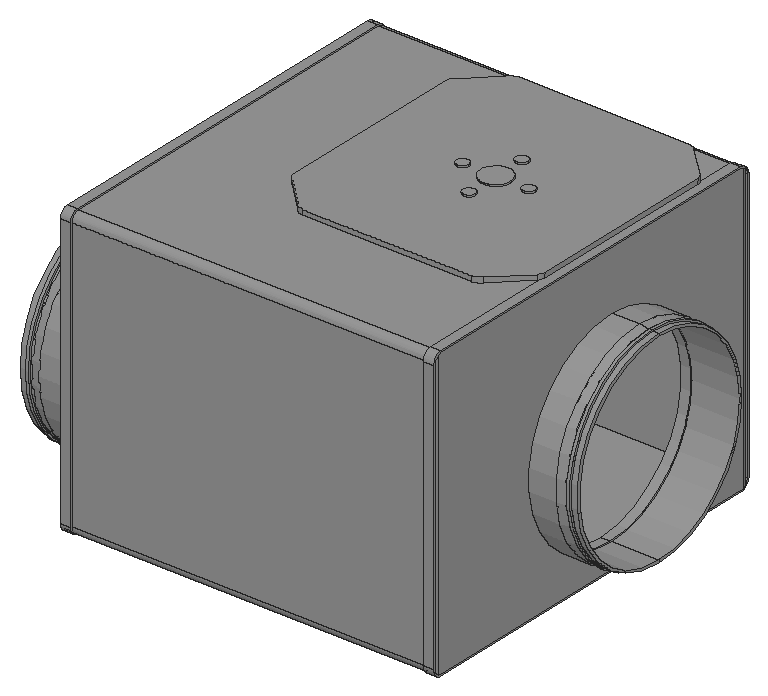
Revit family "LPKB Silent 200 C1 EC_7540664", category Mechanical Equipment, Revit 2014
Parameters (values of type "LPKB Silent 200 C1 EC")
  Wiring diagram = "4040143"
  Width A = Width - 96 mm  # 372 mm
  Width = 468 mm
  Weight = 8.30 kg
  Voltage range = "200-240"
  Voltage = 230 V
  Vertical Distance = 162 mm
  Speed = "2820"
  Sound pressure level at 3 m = "57"
  Radius = Diameter / 2  # 100 mm
  Power = 162 W
  Phase = 1
  Max. temperature of transported air when speed controlled = 60 °C
  Max. temperature of transported air = 60 °C
  Main Material = Steel, Galvanized
  Height = 288 mm
  Frequency = 50 Hz
  Elevation [instance] = 2600 mm
  Distance 2 = 220 mm
  Distance 1 = 111 mm
  Diameter = 200 mm
  Description = "SOUND ATTENUATED DUCT FANS WITH CIRCULAR CONNECTIONS"
  Depth = 390 mm
  Current = 1.25 A
  Capacitor = "-"
Reference planes
  plane 1 "Center (Front/Back)": y = 0
  plane 2: z = 0
  plane 3 "Center (Left/Right)": x = 0
  plane 4: x = -186
  plane 5: x = 186
  plane 6: x = -234
  plane 7: x = 234
  plane 8: y = 195
  plane 9: y = -195
  plane 10: z = 2600
  plane 11: y = -84
  plane 12: y = 185
  plane 13: x = 176
  plane 14: x = -75
  plane 15: y = 84
  plane 16: x = 50.5
  plane 17: y = 50.5
Dimensions and locks
  equal spacing: plane 4, plane 3 "Center (Left/Right)", plane 5
  "Width A": plane 4 to plane 5
  equal spacing: plane 6, plane 3 "Center (Left/Right)", plane 7
  "Width": plane 6 to plane 7
  equal spacing: plane 8, plane 1 "Center (Front/Back)", plane 9
  "Depth": plane 8 to plane 9
  "Elevation": plane 10 to level
  "Distance 1": plane 9 to plane 11
  locked: plane 8 to plane 12 at 10
  locked: plane 13 to plane 5 at 10
  "Distance 1": plane 4 to plane 14
  "Distance 1": plane 8 to plane 15
  equal spacing: plane 14, plane 16, plane 13
  equal spacing: plane 12, plane 17, plane 11
  aligned and locked: level to plane 2
  aligned and locked: nested 1 to plane 3 "Center (Left/Right)"
  aligned and locked: nested 1 to plane 1 "Center (Front/Back)"
  aligned and locked: plane 3 "Center (Left/Right)" to nested 2
  aligned and locked: plane 1 "Center (Front/Back)" to nested 2
  aligned and locked: nested 2 to plane 10
Nested families
  nested 1: "Flow direction symbol" at (0, 0, 0) x (-1, 0, 0) z (0, 0, 1), type "Flow direction symbol"
  nested 2: "LPKB Silent" at (0, 0, 2600), type "LPKB Silent"
    with Width A 372 mm, Width 468 mm, Vertical Distance 162 mm, Radius 100 mm, Height 288 mm, Distance 2 220 mm, Distance 1 111 mm, Diameter 200 mm, Depth 390 mm
Connectors
  hvac at (-234, -84, 2726), driven by "Diameter"
    settings: on nested 2, index 1, duct flow 0.0 L/s, flow factor 0, pres drop 0.0 Pa, loss coef 0, conn angle 0.00°, conn width 304.8 mm, conn height 304.8 mm, conn diameter 200 mm, duct sys type 3, conn prof type 0, flow config 0, flow direction 2, loss method 0, conn ref index -1, conn util no, is conn primary yes, conn desc ""
  hvac at (234, 25, 2726), driven by "Diameter"
    settings: on nested 2, index 2, duct flow 0.0 L/s, flow factor 0, pres drop 0.0 Pa, loss coef 0, conn angle 0.00°, conn width 304.8 mm, conn height 304.8 mm, conn diameter 200 mm, duct sys type 1, conn prof type 0, flow config 0, flow direction 2, loss method 0, conn ref index -1, conn util no, is conn primary no, conn desc ""
  electrical at (-226, 84, 2726), driven by "Phase", driven by "Voltage"
    settings: on nested 2, index 3, voltage 230 V, apparent load 0 VA, apparent load phase1 0 VA, apparent load phase2 0 VA, apparent load phase3 0 VA, power factor 1, load classification "Other", number of poles 1, system type 31, power factor state 1, is connector primary yes, connector utility no, sub classification motor no, connector description ""
Definition of nested family "LPKB Silent"
  Parameters (values of type "LPKB Silent")
    Width A = Width - 96 mm  # 314 mm
    Width = 410 mm
    Vertical Distance = 136 mm
    Radius = Diameter / 2  # 62.5 mm
    Main Material = Steel, Galvanized
    Height = 210 mm
    Distance 2 = 190 mm
    Distance 1 = 73 mm
    Diameter = 125 mm
    Description = ""
    Depth = 330 mm
  Reference planes
    plane 1 "Center (Front/Back)": y = 0
    plane 2: z = 0
    plane 3 "Center (Left/Right)": x = 0
    plane 4: x = -157
    plane 5: x = 157
    plane 6: x = -205
    plane 7: x = 205
    plane 8: y = 165
    plane 9: y = -165
    plane 10: z = 210
    plane 11: z = 74
    plane 12: y = -92
    plane 13: y = 155
    plane 14: x = 147
    plane 15: x = -84
    plane 16: y = 92
    plane 17: x = 31.5
    plane 18: y = 31.5
    plane 19: y = 25
  Forms (mm)
    Revolve 1, solid, material "Steel, Galvanized" <- "Main Material", detail levels medium+fine
      sketch origin (157, -92, 1200) x (1, 0, 0) y (0, 0, 1)
        loop
          line (-314, -1063.5) -> (-314, -1059.75) -> (-342.156, -1059.75) -> (-350.609, -1061.24) -> (-352.661, -1061.24) -> (-352.661, -1059.75) -> (-355.459, -1059.75) -> (-355.459, -1061.24) -> (-362, -1061.24) -> (-362, -1063.5) -> (-314, -1063.5)
        axis (-314, -1126) -> (-362, -1126)
      angle from 0 to 360
    Extrusion 2, void
      sketch origin (0, 0, 0) x (1, 0, 0) y (0, 1, 0)
        loop
          line (-147, 155.039) -> (-147, -154.961) -> (146.959, -154.961) -> (146.959, 155.039) -> (-147, 155.039)
      from 10 to 191.508
    Extrusion 3, solid, material "Steel, Galvanized" <- "Main Material", detail levels medium+fine
      sketch origin (0, 0, 0) x (1, 0, 0) y (0, 1, 0)
        loop
          arc (-43.183, 155) -> (-47.858, 153.712) -> (-51.826, 150.956) r 14.179
          line (-51.826, 150.956) -> (-81.305, 121.477)
          arc (-81.305, 121.477) -> (-83.196, 118.632) -> (-84, 115.312) r 9.835
          line (-84, 115.312) -> (-84, -52.313)
          arc (-84, -52.313) -> (-83.196, -55.632) -> (-81.305, -58.477) r 9.835
          line (-81.305, -58.477) -> (-51.826, -87.956)
          arc (-51.826, -87.956) -> (-47.856, -90.729) -> (-43.183, -92) r 14.142
          line (-43.183, -92) -> (105.647, -92)
          arc (105.647, -92) -> (110.32, -90.729) -> (114.29, -87.956) r 14.142
          line (114.29, -87.956) -> (144.168, -58.679)
          arc (144.168, -58.679) -> (146.101, -55.888) -> (147, -52.615) r 10.108
          line (147, -52.615) -> (147, 115.615)
          arc (147, 115.615) -> (146.101, 118.888) -> (144.168, 121.679) r 10.108
          line (144.168, 121.679) -> (113.884, 150.924)
          arc (113.884, 150.924) -> (109.945, 153.773) -> (105.24, 155) r 13.17
          line (105.24, 155) -> (-43.183, 155)
      from 210 to 215
    Sweep 4, solid, material "Steel, Galvanized" <- "Main Material", detail levels medium+fine
      path origin (-157, 864.407, 1200) x (0, 1, 0) y (0, 0, 1)
        loop
          line (-707.407, -990) -> (-1021.407, -990)
          arc (-1021.407, -990) -> (-1027.064, -992.343) -> (-1029.407, -998) r 8
          line (-1029.407, -998) -> (-1029.407, -1192)
          arc (-1029.407, -1192) -> (-1027.064, -1197.657) -> (-1021.407, -1200) r 8
          line (-1021.407, -1200) -> (-707.407, -1200)
          arc (-707.407, -1200) -> (-701.75, -1197.657) -> (-699.407, -1192) r 8
          line (-699.407, -1192) -> (-699.407, -998)
          arc (-699.407, -998) -> (-701.75, -992.343) -> (-707.407, -990) r 8
      profile origin (-157, 0, 210) x (0, 0, -1) y (1, 0, 0)
        loop
          line (0, 0) -> (0, 10) -> (-1, 10) -> (-1, 0) -> (0, 0)
    Extrusion 5, void
      sketch origin (157, 864.407, 1200) x (0, -1, 0) y (0, 0, 1)
        loop
          arc (1021.407, -990) -> (1027.064, -992.343) -> (1029.407, -998) r 8
          line (1029.407, -998) -> (1035.402, -998) -> (1035.402, -983.783) -> (1021.407, -983.783) -> (1021.407, -990)
        loop
          line (707.407, -990) -> (707.407, -983.783) -> (693.411, -983.783) -> (693.411, -998) -> (699.407, -998)
          arc (699.407, -998) -> (701.75, -992.343) -> (707.407, -990) r 8
        loop
          line (1021.407, -1200) -> (1021.407, -1206.217) -> (1035.402, -1206.217) -> (1035.402, -1192) -> (1029.407, -1192)
          arc (1029.407, -1192) -> (1027.064, -1197.657) -> (1021.407, -1200) r 8
        loop
          arc (707.407, -1200) -> (701.75, -1197.657) -> (699.407, -1192) r 8
          line (699.407, -1192) -> (693.411, -1192) -> (693.411, -1206.217) -> (707.407, -1206.217) -> (707.407, -1200)
      from 0 to 473.721
    Sweep 6, solid, material "Steel, Galvanized" <- "Main Material", detail levels medium+fine
      path origin (157, 864.407, 1200) x (0, 1, 0) y (0, 0, -1)
        loop
          arc (-707.407, 990) -> (-701.75, 992.343) -> (-699.407, 998) r 8
          line (-699.407, 998) -> (-699.407, 1192)
          arc (-699.407, 1192) -> (-701.75, 1197.657) -> (-707.407, 1200) r 8
          line (-707.407, 1200) -> (-1021.407, 1200)
          arc (-1021.407, 1200) -> (-1027.064, 1197.657) -> (-1029.407, 1192) r 8
          line (-1029.407, 1192) -> (-1029.407, 998)
          arc (-1029.407, 998) -> (-1027.064, 992.343) -> (-1021.407, 990) r 8
          line (-1021.407, 990) -> (-707.407, 990)
      profile origin (157, 0, 210) x (0, 0, 1) y (-1, 0, 0)
        loop
          line (0, 0) -> (1, 0) -> (1, 10) -> (0, 10) -> (0, 0)
    Extrusion 7, solid, material "Steel, Galvanized" <- "Main Material", detail levels medium+fine
      sketch origin (82.02, -241.107, 0) x (1, 0, 0) y (0, 1, 0)
        loop
          arc (-234.02, 406.107) -> (-237.555, 404.643) -> (-239.02, 401.107) r 5
          line (-239.02, 401.107) -> (-239.02, 81.107)
          arc (-239.02, 81.107) -> (-237.555, 77.572) -> (-234.02, 76.107) r 5
          line (-234.02, 76.107) -> (69.98, 76.107)
          arc (69.98, 76.107) -> (73.516, 77.572) -> (74.98, 81.107) r 5
          line (74.98, 81.107) -> (74.98, 401.107)
          arc (74.98, 401.107) -> (73.516, 404.643) -> (69.98, 406.107) r 5
          line (69.98, 406.107) -> (-234.02, 406.107)
      from 0 to 210
    Revolve 8, solid, material "Steel, Galvanized" <- "Main Material", detail levels medium+fine
      sketch origin (-271.54, 25, 1200) x (-1, 0, 0) y (0, 0, 1)
        loop
          line (-476.54, -1063.5) -> (-428.54, -1063.5) -> (-428.54, -1059.75) -> (-456.697, -1059.75) -> (-465.149, -1061.24) -> (-467.201, -1061.24) -> (-467.201, -1059.75) -> (-469.999, -1059.75) -> (-469.999, -1061.24) -> (-476.54, -1061.24) -> (-476.54, -1063.5)
        axis (-476.54, -1126) -> (-428.54, -1126)
      angle from 0 to 360
    Sweep 9, void
      path origin (157, -92, 1200) x (1, 0, 0) y (0, 0, 1)
        loop
          line (-157, -1126) -> (-362, -1126)
      profile origin (-102.5, -92, 74) x (0, 0, -1) y (0, -1, 0)
        loop
          circle (0, 0) r 62.5
    Sweep 10, void
      path origin (-271.54, 25, 1200) x (-1, 0, 0) y (0, 0, 1)
        loop
          line (-476.54, -1126) -> (-271.54, -1126)
      profile origin (102.5, 25, 74) x (0, 0, 1) y (0, 1, 0)
        loop
          circle (0, 0) r 62.5
    Extrusion 11, solid, material "Steel, Galvanized" <- "Main Material", detail levels coarse
      sketch origin (0, 0, 0) x (1, 0, 0) y (0, 1, 0)
        loop
          line (-157, 165) -> (-157, -165) -> (157, -165) -> (157, 165) -> (-157, 165)
      from 0 to 210
    Extrusion 12, solid, material "Steel, Galvanized" <- "Main Material", detail levels coarse
      sketch origin (31.5, 214.952, 1200) x (0, 1, 0) y (0, 0, 1)
        loop
          circle (-189.952, -1126) r 62.5
      from 125.5 to 173.5
    Extrusion 13, solid, material "Steel, Galvanized" <- "Main Material", detail levels coarse
      sketch origin (31.5, 214.952, 1200) x (0, 1, 0) y (0, 0, 1)
        loop
          circle (-306.952, -1126) r 62.5
      from -236.5 to -188.5
    Extrusion 14, solid, material "Plastic, Opaque Black", detail levels medium+fine
      sketch origin (0, 0, 0) x (1, 0, 0) y (0, 1, 0)
        loop
          circle (31.5, 31.5) r 15
        loop
          circle (64.494, 31.5) r 6
        loop
          circle (-1.494, 31.5) r 6
        loop
          circle (31.5, -1.778) r 6
        loop
          circle (31.5, 64.222) r 6
      from 210 to 216.039
    Sweep 15, solid, material "Plastic"
      path origin (-399.976, 92, 1200) x (-1, 0, 0) y (0, 0, 1)
        loop
          line (-242.976, -1126) -> (-209.517, -1126)
      profile origin (-173.73, 92, 74) x (0, 0, 1) y (0, 1, 0)
        loop
          arc (41.5, 36.5) -> (40.036, 40.036) -> (36.5, 41.5) r 5
          line (36.5, 41.5) -> (-36.5, 41.5)
          arc (-36.5, 41.5) -> (-40.036, 40.036) -> (-41.5, 36.5) r 5
          line (-41.5, 36.5) -> (-41.5, -36.5)
          arc (-41.5, -36.5) -> (-40.036, -40.036) -> (-36.5, -41.5) r 5
          line (-36.5, -41.5) -> (36.5, -41.5)
          arc (36.5, -41.5) -> (40.036, -40.036) -> (41.5, -36.5) r 5
          line (41.5, -36.5) -> (41.5, 36.5)
    Sweep 16, solid, material "Plastic"
      path origin (-399.976, 92, 1200) x (-1, 0, 0) y (0, 0, 1)
        loop
          line (-209.517, -1126) -> (-202.976, -1126)
      profile origin (-193.73, 92, 74) x (0, 0, 1) y (0, 1, 0)
        loop
          line (46.5, -36.5) -> (46.5, 36.5)
          arc (46.5, 36.5) -> (43.571, 43.571) -> (36.5, 46.5) r 10
          line (36.5, 46.5) -> (-36.5, 46.5)
          arc (-36.5, 46.5) -> (-43.571, 43.571) -> (-46.5, 36.5) r 10
          line (-46.5, 36.5) -> (-46.5, -36.5)
          arc (-46.5, -36.5) -> (-43.571, -43.571) -> (-36.5, -46.5) r 10
          line (-36.5, -46.5) -> (36.5, -46.5)
          arc (36.5, -46.5) -> (43.571, -43.571) -> (46.5, -36.5) r 10
  Cuts and joins
    Sweep 9, Sweep 10 cuts Revolve 1
    Extrusion 2, Extrusion 5, Sweep 9, Sweep 10 cuts Extrusion 7
  Dimensions and locks
    equal spacing: plane 4, plane 3 "Center (Left/Right)", plane 5
    "Width A": plane 4 to plane 5
    equal spacing: plane 6, plane 3 "Center (Left/Right)", plane 7
    "Width": plane 6 to plane 7
    equal spacing: plane 8, plane 1 "Center (Front/Back)", plane 9
    "Depth": plane 8 to plane 9
    "Height": plane 10 to level
    "Distance 1": plane 9 to plane 12
    locked: Revolve 1 sketch curve to Revolve 1 sketch curve at 3.75
    "Radius": Revolve 1 sketch curve to Revolve 1 sketch curve
    locked: plane 8 to Extrusion 2 sketch curve at 9.961
    locked: plane 4 to Extrusion 2 sketch curve at 10
    locked: Extrusion 2 sketch curve to plane 9 at 10.039
    locked: Extrusion 2 sketch curve to plane 5 at 10.041
    locked: plane 8 to plane 13 at 10
    locked: plane 14 to plane 5 at 10
    "Distance 1": plane 4 to plane 15
    locked: Extrusion 3 to plane 10 at 5
    locked: Sweep 4 sketch curve to plane 4 at 10
    locked: Sweep 4 sketch curve to plane 10 at 1
    locked: Sweep 6 sketch curve to Sweep 6 sketch curve at 10
    locked: plane 10 to Sweep 6 sketch curve at 1
    locked: Revolve 1 sketch curve to Revolve 1 sketch curve at 2.26
    "Distance 1": plane 8 to plane 16
    "Radius": Revolve 8 sketch curve to Revolve 8 sketch curve
    locked: Revolve 8 sketch curve to Revolve 8 sketch curve at 3.75
    locked: Revolve 8 sketch curve to Revolve 8 sketch curve at 2.26
    equal spacing: plane 15, plane 17, plane 14
    equal spacing: plane 13, plane 18, plane 12
    equal spacing: Extrusion 14 sketch curve, plane 17, Extrusion 14 sketch curve
    locked: plane 17 to Extrusion 14 sketch curve at 32.994
    locked: plane 18 to Extrusion 14 sketch curve at 33.278
    locked: Extrusion 14 sketch curve to plane 18 at 32.722
    locked: Extrusion 14 to plane 10 at 6.039
    Sweep 15 sketch curve to Sweep 15 sketch curve to plane 6 = 33.459 mm locked, 14.541 mm
    Sweep 16 sketch curve to plane 6 = 14.541 mm
    locked: plane 10 to cut or joined group of Extrusion 2, Extrusion 5, Extrusion 7, Sweep 9, Sweep 10 at 18.492
    "Distance 2": plane 19 to plane 9
    "Vertical Distance": plane 10 to plane 11
    radius of Sweep 4 sketch curve = 8 mm  (x4)
    radius of Sweep 6 sketch curve = 8 mm  (x4)
    "Radius": radius of Sweep 9 sketch curve
    "Diameter": diameter of Sweep 10 sketch curve
    "Radius": radius of Extrusion 12 sketch curve
    radius of Extrusion 12 sketch curve = 62.5 mm
    "Radius": radius of Extrusion 13 sketch curve
    radius of Extrusion 14 sketch curve = 15 mm
    radius of Extrusion 14 sketch curve = 6 mm  (x4)
    locked: Extrusion 3 sketch curve to plane 13 (angle 44.0307°)
    locked: plane 13 to Extrusion 3 sketch curve (angle 45.00°)
    locked: plane 15 to Extrusion 3 sketch curve (angle 45.00°)
    locked: Extrusion 3 sketch curve to plane 14 (angle 45.582°)
    aligned and locked: level to plane 2
    aligned and locked: Revolve 1 sketch curve to plane 6
    aligned and locked: plane 4 to Revolve 1 sketch curve
    aligned and locked: Extrusion 3 sketch curve to plane 13
    aligned and locked: plane 15 to Extrusion 3 sketch curve
    aligned and locked: Extrusion 3 to plane 10
    aligned and locked: Extrusion 3 sketch curve to plane 14
    aligned and locked: plane 12 to Extrusion 3 sketch curve
    aligned and locked: Sweep 4 sketch curve to plane 8
    aligned and locked: Sweep 4 sketch curve to plane 10  (x2)
    aligned and locked: plane 9 to Sweep 4 sketch curve
    aligned and locked: level to Sweep 4 sketch curve
    aligned and locked: Sweep 4 sketch curve to plane 4
    aligned and locked: Sweep 6 sketch curve to plane 8
    aligned and locked: level to Sweep 6 sketch curve
    aligned and locked: Sweep 6 sketch curve to plane 10
    aligned and locked: plane 9 to Sweep 6 sketch curve
    aligned and locked: Revolve 1 sketch curve to Revolve 1 sketch curve  (x2)
    aligned and locked: Extrusion 7 sketch curve to plane 8
    aligned and locked: Extrusion 7 sketch curve to plane 5
    aligned and locked: plane 9 to Extrusion 7 sketch curve
    aligned and locked: plane 4 to Extrusion 7 sketch curve
    aligned and locked: plane 10 to Extrusion 7
    aligned and locked: Revolve 8 sketch curve to Revolve 8 sketch curve  (x2)
    aligned and locked: Sweep 9 sketch curve to plane 11
    aligned and locked: plane 3 "Center (Left/Right)" to Sweep 9 sketch curve
    aligned and locked: plane 6 to Sweep 9 sketch curve
    aligned and locked: Sweep 10 sketch curve to plane 11
    aligned and locked: plane 7 to Sweep 10 sketch curve
    aligned and locked: plane 3 "Center (Left/Right)" to Sweep 10 sketch curve
    aligned and locked: nested 1 to plane 3 "Center (Left/Right)"
    aligned and locked: nested 1 to plane 1 "Center (Front/Back)"
    aligned and locked: Extrusion 11 sketch curve to plane 8
    aligned and locked: plane 4 to Extrusion 11 sketch curve
    aligned and locked: plane 9 to Extrusion 11 sketch curve
    aligned and locked: Extrusion 11 sketch curve to plane 5
    aligned and locked: plane 10 to Extrusion 11
    aligned and locked: plane 11 to Extrusion 12 sketch curve
    aligned and locked: plane 12 to Extrusion 13 sketch curve
    aligned and locked: plane 11 to Extrusion 13 sketch curve
    aligned and locked: plane 4 to Extrusion 13
    aligned and locked: Extrusion 13 to plane 6
    aligned and locked: plane 18 to Extrusion 14 sketch curve  (x3)
    aligned and locked: plane 17 to Extrusion 14 sketch curve  (x3)
    aligned and locked: Extrusion 14 to plane 10
    aligned and locked: plane 5 to Sweep 6 sketch curve
    aligned and locked: Sweep 15 sketch curve to plane 11
    aligned and locked: Sweep 16 sketch curve to plane 11
    aligned and locked: Sweep 15 to plane 4
    aligned and locked: Sweep 16 to Sweep 15
    aligned and locked: plane 19 to Extrusion 12 sketch curve
    aligned and locked: plane 19 to Sweep 10 sketch curve
    aligned and locked: plane 11 to Sweep 10 sketch curve
    aligned and locked: Extrusion 12 to plane 5
    aligned and locked: plane 7 to Extrusion 12
  Automatic sketch dimensions
    Extrusion 5 sketch curve to plane 8 = 0 mm  (x2)
    Extrusion 5 sketch curve to plane 10 = 0 mm  (x2)
    Extrusion 5 sketch curve to level = 0 mm  (x2)
    Extrusion 5 sketch curve to plane 9 = 0 mm  (x2)
    plane 8 to Extrusion 5 sketch curve = 5.995 mm  (x2)
    plane 13 to Extrusion 5 sketch curve = 2 mm  (x2)
    Extrusion 5 sketch curve to Extrusion 5 sketch curve = 8 mm
    plane 9 to Extrusion 5 sketch curve = 8 mm
    Extrusion 5 sketch curve to plane 9 = 5.995 mm
    Extrusion 5 sketch curve to Extrusion 5 sketch curve = 5.995 mm
    Extrusion 5 sketch curve to level = 6.217 mm  (x2)
    plane 10 to Extrusion 5 sketch curve = 6.217 mm
    Extrusion 5 sketch curve to Extrusion 5 sketch curve = 6.217 mm
    Sweep 6 sketch curve to profile plane = 0 mm
    plane 4 to Extrusion 7 sketch curve = 5 mm
    Extrusion 7 sketch curve to Extrusion 7 sketch curve = 5 mm
    Extrusion 7 sketch curve to plane 5 = 5 mm  (x2)
    plane 15 to Extrusion 3 sketch curve = 2.695 mm  (x2)
    plane 15 to Extrusion 3 sketch curve = 9.816 mm
    Extrusion 3 sketch curve to plane 13 = 4.044 mm  (x2)
    Extrusion 3 sketch curve to plane 12 = 4.044 mm  (x2)
    plane 15 to Extrusion 3 sketch curve = 32.174 mm
    Extrusion 3 sketch curve to Extrusion 3 sketch curve = 8.643 mm  (x3)
    Extrusion 3 sketch curve to plane 13 = 14.112 mm
    Extrusion 3 sketch curve to plane 12 = 14.08 mm  (x2)
    Extrusion 3 sketch curve to Extrusion 3 sketch curve = 1.32 mm
    Extrusion 3 sketch curve to plane 14 = 10.058 mm
    Extrusion 3 sketch curve to plane 14 = 2.832 mm  (x2)
    Extrusion 3 sketch curve to plane 12 = 33.321 mm
    Extrusion 3 sketch curve to Extrusion 3 sketch curve = 6.064 mm
    Extrusion 3 sketch curve to Extrusion 3 sketch curve = 6.165 mm
    Extrusion 3 sketch curve to Extrusion 3 sketch curve = 6.784 mm
    Extrusion 3 sketch curve to Extrusion 3 sketch curve = 7.068 mm
    Extrusion 3 sketch curve to Extrusion 3 sketch curve = 0 mm  (x2)
    Extrusion 3 sketch curve to Extrusion 3 sketch curve = 1.004 mm
    Extrusion 3 sketch curve to Extrusion 3 sketch curve = 0.62 mm
    Extrusion 3 sketch curve to Extrusion 3 sketch curve = 1.373 mm
    Extrusion 3 sketch curve to Extrusion 3 sketch curve = 9.557 mm
    Extrusion 3 sketch curve to plane 13 = 13.138 mm
    profile plane to Sweep 15 sketch curve = 41.5 mm
    Sweep 15 sketch curve to Sweep 15 sketch curve = 5 mm  (x3)
    Sweep 15 sketch curve to profile plane = 36.5 mm  (x2)
    Sweep 15 sketch curve to plane 16 = 41.5 mm
    plane 16 to Sweep 15 sketch curve = 36.5 mm
    profile plane to Sweep 16 sketch curve = 46.5 mm
    Sweep 16 sketch curve to Sweep 16 sketch curve = 10 mm  (x3)
    Sweep 16 sketch curve to profile plane = 36.5 mm  (x2)
    Sweep 16 sketch curve to plane 16 = 46.5 mm
    plane 16 to Sweep 16 sketch curve = 36.5 mm
    Sweep 16 sketch curve to Sweep 16 sketch curve = 6.541 mm
    Revolve 1 sketch curve to plane 11 = 0 mm
    plane 6 to Revolve 1 sketch curve = 6.541 mm
    Revolve 1 sketch curve to Revolve 1 sketch curve = 2.798 mm
    Revolve 1 sketch curve to Revolve 1 sketch curve = 2.052 mm
    Revolve 1 sketch curve to Revolve 1 sketch curve = 8.453 mm
    Revolve 1 sketch curve to plane 6 = 247 mm
    plane 15 to Revolve 1 sketch curve = 5 mm
    Revolve 8 sketch curve to plane 11 = 0 mm
    Revolve 8 sketch curve to plane 7 = 0 mm
    Revolve 8 sketch curve to plane 5 = 0 mm
    Revolve 8 sketch curve to Revolve 8 sketch curve = 6.541 mm
    Revolve 8 sketch curve to Revolve 8 sketch curve = 2.798 mm
    Revolve 8 sketch curve to Revolve 8 sketch curve = 2.052 mm
    Revolve 8 sketch curve to Revolve 8 sketch curve = 8.453 mm
    plane 7 to Revolve 8 sketch curve = 85 mm
    Revolve 8 sketch curve to plane 14 = 52 mm
    Sweep 9 sketch curve to plane 12 = 0 mm
    Sweep 9 sketch curve to profile plane = 0 mm
  Nested families
    nested 1: "Flow direction symbol" at (0, 0, 0) x (-1, 0, 0) z (0, 0, 1), type "Flow direction symbol"
  Connectors
    hvac at (205, 25, 74), driven by "Diameter"
      settings: on Revolve 8, index 3, duct flow 0.0 L/s, flow factor 0, pres drop 0.0 Pa, loss coef 0, conn angle 0.00°, conn width 304.8 mm, conn height 304.8 mm, conn diameter 125 mm, duct sys type 1, conn prof type 0, flow config 0, flow direction 1, loss method 0, conn ref index -1, conn util no, is conn primary yes, conn desc ""
    hvac at (-205, -92, 74), driven by "Diameter"
      settings: on cut or joined group of Revolve 1, Sweep 9, Sweep 10, index 4, duct flow 0.0 L/s, flow factor 0, pres drop 0.0 Pa, loss coef 0, conn angle 0.00°, conn width 304.8 mm, conn height 304.8 mm, conn diameter 125 mm, duct sys type 3, conn prof type 0, flow config 0, flow direction 2, loss method 0, conn ref index -1, conn util no, is conn primary no, conn desc ""
    electrical at (-197, 92, 74)
      settings: on Sweep 16, index 5, voltage 230 V, apparent load 0 VA, apparent load phase1 0 VA, apparent load phase2 0 VA, apparent load phase3 0 VA, power factor 1, load classification "Other", number of poles 1, system type 31, power factor state 1, is connector primary yes, connector utility no, sub classification motor no, connector description ""
  Definition of nested family "Flow direction symbol"
    Parameters (values of type "Flow direction symbol")
      Warning = "!"
      Text = "DIMENSIONS OVERCONSTRAINT"
    Reference planes
      plane 1: y = 0
      plane 2: x = 0
    Lines and regions (mm)
      detail lines
        curve 1: line (-0.506, 0.877, 0) -> (-0.506, -0.877, 0)
        curve 2: line (1.012, 0, 0) -> (-0.506, -0.877, 0)
        curve 3: line (-0.506, 0.877, 0) -> (1.012, 0, 0)
        curve 4: circle (0, 0, 0) r 1 normal (0, 0, 1)
Definition of nested family "Flow direction symbol"
  Parameters (values of type "Flow direction symbol")
    Warning = "!"
    Text = "DIMENSIONS OVERCONSTRAINT"
  Reference planes
    plane 1: y = 0
    plane 2: x = 0
  Lines and regions (mm)
    detail lines
      curve 1: line (-0.506, 0.877, 0) -> (-0.506, -0.877, 0)
      curve 2: line (1.012, 0, 0) -> (-0.506, -0.877, 0)
      curve 3: line (-0.506, 0.877, 0) -> (1.012, 0, 0)
      curve 4: circle (0, 0, 0) r 1 normal (0, 0, 1)
